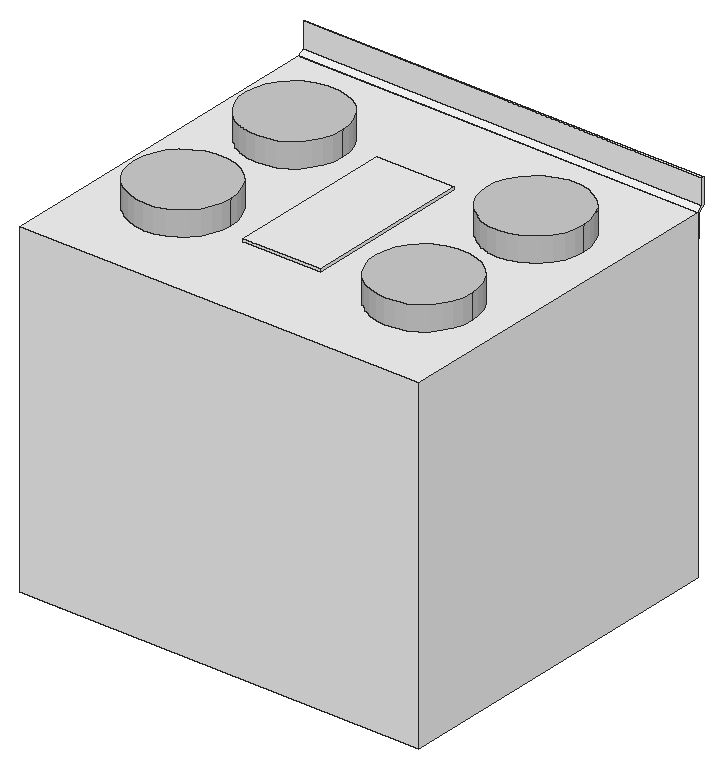
Revit family "BLAUBERG-KOMFORT_EC_SB550", category Mechanical Equipment, Revit 2019
Family settings
  Round Connector Dimension = Use Diameter
  Classification = None
  Part Type = Normal
  OmniClass Number = 23.75.35.14
  OmniClass Title = Air Handling Units
  Work Plane-Based = No
  Always vertical = Yes
  Cut with Voids When Loaded = No
  Shared = No
  Room Calculation Point = No
Parameters (values of type "KOMFORT EC SB550 S14")
  dLFeets = 52 mm
  dBFeets = 52 mm
  Weight = 82.00 kg
  Plastic Material = Polypropylene Black
  Leveling Feets Height Calc [instance] = if(Leveling Feets Height < 23 mm, 23 mm, Leveling Feets Height)  # 23 mm
  Leveling Feets Height [instance] = 23 mm
  L2 = 288 mm
  L1 = 498 mm
  Heat Exchanger Material = "polystyrene"
  HDuctCon = 50 mm  # constant formula
  H3 = 60 mm  # constant formula
  Front Maintenance Zone Width = H1  # 675 mm
  Front Maintenance Zone Length = L  # 823 mm
  ElConA = 390 mm
  ElBoxB = 345 mm
  ElBoxA = 160 mm
  DrainPipe = yes
  DrainConB = 292 mm
  BackFeetD = 20 mm  # constant formula
  B3 = 14 mm  # constant formula
  Air Flow Factor [instance] = 1  # constant formula
  Drain Flow [instance] = 0.0 L/s
  Ddrain = if(Drain Connection Diameter = 0 mm, 1 mm, Drain Connection Diameter)  # 18 mm
  B1 = 720 mm
  Air Flow Exhaust [instance] = 0 m³/h
  L = 823 mm
  Voltage = 230 V
  URL = "https://blaubergventilatoren.de/en/product/komfort-ec-sb550-s14"
  Type Comments = "Air Handling Unit KOMFORT EC SB550 S21"
  Transported Air Temperature (°C) = "–25 …+40"
  Supply Air Filter = "F7 (optionally G4)"
  Sound Pressure Level at 3 m (dBA) = 26
  SEC Class = "A+"
  RPM (min-1) = 2860
  Power Factor = 1
  Power = 337 W
  Number of Poles = 1
  Model = "KOMFORT EC SB550 S21"
  Maximum Air Flow = 690 m³/h
  Manufacturer = "Blauberg"
  Maintenance Zone Material = Maintenance Zone
  Front Maintenance Zone Height = 600 mm
  Maintenance Zone [instance] = no
  Load Classification = HVAC
  B = 730 mm
  Heat recovery efficiency (%) = "84..92"
  Heat Exchanger Type = "counter-flow"
  H1 = 675 mm
  Metal Material = Metal Zinc
  Family Version = "1.0"  # constant formula
  Extract Air Filter = "G4"
  Duct Connection Diameter = 200 mm
  Drain Connection Diameter = 18 mm
  Description = "Air Handling Unit"
  D = Duct Connection Diameter  # 200 mm
  Current = 2.4 A
  Copyright = "©Blauberg"
  Casing Material = Painted Steel White
  Apparent Power [instance] = Power / Power Factor  # 337 VA
  Air Flow Supply [instance] = 0 m³/h
Types (4, lengths in mm): name | Heat Exchanger Material | DrainPipe | Ddrain | URL | Type Comments | SEC Class | Model | Heat recovery efficiency (%) | Drain Connection Diameter
  KOMFORT EC SB550 S21 | "polystyrene" | yes | 18 | "https://blaubergventilatoren.de/en/product/komfort-ec-sb550-s21" | "Air Handling Unit KOMFORT EC SB350-E S14" | "A+" | "KOMFORT EC SB350-E S14" | "84..92" | 18
  KOMFORT EC SB550 S14 | "polystyrene" | yes | 18 | "https://blaubergventilatoren.de/en/product/komfort-ec-sb550-s14" | "Air Handling Unit KOMFORT EC SB550 S21" | "A+" | "KOMFORT EC SB550 S21" | "84..92" | 18
  KOMFORT EC SB550-E S21 | "enthalpy" | no | 1 | "https://blaubergventilatoren.de/en/product/komfort-ec-sb550-e-s21" | "Air Handling Unit KOMFORT EC SB550-E S21" | "A" | "KOMFORT EC SB550-E S21" | "73..91" | 0
  KOMFORT EC SB550-E S14 | "enthalpy" | no | 1 | "https://blaubergventilatoren.de/en/product/komfort-ec-sb550-e-s14" | "Air Handling Unit KOMFORT EC SB550 S14" | "A" | "KOMFORT EC SB550 S14" | "73..91" | 0
Reference planes
  plane 1 "Center (Front/Back)": y = 0
  plane 2: z = 0
  plane 3 "Center (Left/Right)": x = 0
  plane 4 "Right": x = 411.5
  plane 5 "Front": y = -734
  plane 6 "Left": x = -411.5
  plane 7 "Top": z = 698
  plane 8 "Back": y = -14
  plane 9 "DuctConL1": x = -249
  plane 10 "DrainConA2": x = 150
  plane 11 "DrainConB": y = -306
  plane 12 "DuctConL2": x = 249
  plane 13 "DuctConB1": y = -230
  plane 14 "DuctConB2": y = -518
  plane 15 "DuctConB3": z = 748
  plane 16 "DuctConB4": z = 758
  plane 17 "Bottom": z = 23
  plane 18 "FeetsL1": x = -359.5
  plane 19 "FeetsL2": x = 359.5
  plane 20 "FeetsB1": y = -66
  plane 21 "FeetsB2": y = -682
  plane 22: y = -374
  plane 23: y = -3
  plane 24: z = 708
  plane 25: y = -12
  plane 26: z = 648
  plane 27 "ElConA": x = -21.5
  plane 28 "BackFeetsH": z = 43
  plane 29: x = -101.5
  plane 30: x = 58.5
  plane 31: y = -201.5
  plane 32: y = -546.5
Forms (mm)
  Extrusion 1, solid, material "Polypropylene Black" <- "Plastic Material", visible <- "DrainPipe", detail levels medium+fine
    sketch origin (0, 0, 23) x (-1, 0, 0) y (0, -1, 0)
      loop
        circle (0, 306) r 9
    from 0 to -50
  Extrusion 2, solid, material "Painted Steel White" <- "Casing Material", detail levels medium+fine
    sketch origin (0, 0, 23) x (-1, 0, 0) y (0, -1, 0)
      loop
        line (411.5, 14) -> (411.5, 734) -> (-411.5, 734) -> (-411.5, 14) -> (411.5, 14)
    from 0 to 675
  Extrusion 3, solid, material "Metal Zinc" <- "Metal Material", detail levels medium+fine
    sketch origin (0, 0, 698) x (-1, 0, 0) y (0, -1, 0)
      loop
        circle (249, 230) r 100
      loop
        circle (249, 518) r 100
      loop
        circle (-249, 230) r 100
      loop
        circle (-249, 518) r 100
    from 0 to 50
  Extrusion 4, solid, material "Painted Steel White" <- "Casing Material", detail levels medium+fine
    sketch origin (-411.5, 0, 0) x (0, 1, 0) y (0, 0, 1)
      loop
        line (-3, 758) -> (-3, 705.857) -> (-14, 698) -> (-14, 648) -> (-12, 648) -> (-12, 696.971) -> (0, 705.542) -> (0, 758) -> (-3, 758)
    from 0 to 823
  Extrusion 5, solid, material "Polypropylene Black" <- "Plastic Material", detail levels medium+fine
    sketch origin (0, 0, 0) x (1, 0, 0) y (0, 0, 1)
      loop
        circle (359.5, 43) r 10
      loop
        circle (-359.5, 43) r 10
    from 0 to 14
  Extrusion 6, solid, material "Painted Steel White" <- "Casing Material", detail levels medium+fine
    sketch origin (0, 0, 698) x (-1, 0, 0) y (0, -1, 0)
      loop
        line (101.5, 201.5) -> (101.5, 546.5) -> (-58.5, 546.5) -> (-58.5, 201.5) -> (101.5, 201.5)
    from 0 to 5
Lines and regions (mm)
  model lines, detail levels coarse
    curve 1: line (-411.5, 0, 698) -> (411.5, 0, 698)
    curve 2: line (-411.5, -734, 698) -> (-411.5, 0, 698)
    curve 3: line (411.5, -734, 698) -> (-411.5, -734, 698)
    curve 4: line (411.5, 0, 698) -> (411.5, -734, 698)
    curve 5: line (-411.5, 0, 23) -> (411.5, 0, 23)
    curve 6: line (-411.5, -734, 23) -> (-411.5, 0, 23)
    curve 7: line (411.5, -734, 23) -> (-411.5, -734, 23)
    curve 8: line (411.5, 0, 23) -> (411.5, -734, 23)
    curve 9: line (-411.5, -734, 698) -> (411.5, -734, 698)
    curve 10: line (-411.5, -734, 23) -> (-411.5, -734, 698)
    curve 11: line (411.5, -734, 23) -> (-411.5, -734, 23)
    curve 12: line (411.5, -734, 698) -> (411.5, -734, 23)
    curve 13: line (-411.5, 0, 698) -> (411.5, 0, 698)
    curve 14: line (-411.5, 0, 23) -> (-411.5, 0, 698)
    curve 15: line (411.5, 0, 23) -> (-411.5, 0, 23)
    curve 16: line (411.5, 0, 698) -> (411.5, 0, 23)
    curve 17: line (-411.5, 0, 698) -> (-411.5, 0, 23)
    curve 18: line (-411.5, -734, 698) -> (-411.5, -734, 23)
    curve 19: line (411.5, -734, 698) -> (411.5, -734, 23)
    curve 20: line (411.5, 0, 698) -> (411.5, 0, 23)
    curve 21: line (-249, -230, 748) -> (-249, -230, 698)
    curve 22: line (-249, -518, 748) -> (-249, -518, 698)
    curve 23: line (249, -230, 748) -> (249, -230, 703)
    curve 24: line (249, -518, 748) -> (249, -518, 698)
Dimensions and locks
  "B1": plane 8 "Back" to plane 5 "Front"
  equal spacing: plane 6 "Left", plane 3 "Center (Left/Right)", plane 4 "Right"
  "L": plane 6 "Left" to plane 4 "Right"
  "dBFeets": plane 8 "Back" to plane 20 "FeetsB1"
  "dBFeets": plane 21 "FeetsB2" to plane 5 "Front"
  "dLFeets": plane 6 "Left" to plane 18 "FeetsL1"
  "dLFeets": plane 19 "FeetsL2" to plane 4 "Right"
  "Leveling Feets Height Calc": plane 17 "Bottom" to level
  "B3": plane 1 "Center (Front/Back)" to plane 8 "Back"
  equal spacing: plane 9 "DuctConL1", plane 3 "Center (Left/Right)", plane 12 "DuctConL2"
  "L1": plane 9 "DuctConL1" to plane 12 "DuctConL2"
  equal spacing: plane 8 "Back", plane 22, plane 5 "Front"
  equal spacing: plane 13 "DuctConB1", plane 22, plane 14 "DuctConB2"
  "L2": plane 13 "DuctConB1" to plane 14 "DuctConB2"
  "DrainConB": plane 8 "Back" to plane 11 "DrainConB"
  locked: plane 1 "Center (Front/Back)" to plane 23 at 3
  locked: plane 24 to plane 7 "Top" at 10
  locked: plane 25 to plane 8 "Back" at 2
  locked: plane 7 "Top" to plane 26 at 50
  "HDuctCon": plane 15 "DuctConB3" to plane 7 "Top"
  "H3": plane 16 "DuctConB4" to plane 7 "Top"
  "H1": plane 7 "Top" to plane 17 "Bottom"
  locked: Extrusion 4 sketch curve to Extrusion 4 sketch curve at 2
  locked: plane 28 "BackFeetsH" to plane 17 "Bottom" at 20
  equal spacing: plane 31, plane 22, plane 32
  "ElBoxB": plane 31 to plane 32
  equal spacing: plane 29, plane 27 "ElConA", plane 30
  "ElBoxA": plane 29 to plane 30
  "ElConA": plane 6 "Left" to plane 27 "ElConA"
  "Ddrain": diameter of Extrusion 1 sketch curve
  "D": diameter of Extrusion 3 sketch curve  (x4)
  "BackFeetD": diameter of Extrusion 5 sketch curve  (x2)
  aligned and locked: level to plane 2
  aligned and locked: plane 18 "FeetsL1" to nested 1
  aligned and locked: nested 1 to plane 20 "FeetsB1"
  aligned and locked: plane 19 "FeetsL2" to nested 2
  aligned and locked: nested 2 to plane 20 "FeetsB1"
  aligned and locked: nested 3 to plane 21 "FeetsB2"
  aligned and locked: plane 19 "FeetsL2" to nested 3
  aligned and locked: plane 18 "FeetsL1" to nested 4
  aligned and locked: nested 4 to plane 21 "FeetsB2"
  aligned and locked: Extrusion 2 sketch curve to plane 8 "Back"
  aligned and locked: plane 6 "Left" to Extrusion 2 sketch curve
  aligned and locked: plane 5 "Front" to Extrusion 2 sketch curve
  aligned and locked: Extrusion 2 sketch curve to plane 4 "Right"
  aligned and locked: plane 7 "Top" to Extrusion 2
  aligned and locked: plane 15 "DuctConB3" to Extrusion 3
  aligned and locked: plane 4 "Right" to Extrusion 4
  aligned and locked: Extrusion 5 to plane 8 "Back"
  aligned and locked: Extrusion 6 sketch curve to plane 31
  aligned and locked: Extrusion 6 sketch curve to plane 29
  aligned and locked: plane 32 to Extrusion 6 sketch curve
  aligned and locked: Extrusion 6 sketch curve to plane 30
  aligned and locked: plane 3 "Center (Left/Right)" to nested 5
  aligned and locked: nested 5 to plane 7 "Top"
  aligned and locked: curve 1 to Extrusion 4
  aligned and locked: curve 2 to Extrusion 4
  aligned and locked: curve 3 to Extrusion 2
  aligned and locked: curve 4 to nested 5
  aligned and locked: curve 5 to curve 1
  aligned and locked: curve 6 to curve 2
  aligned and locked: curve 7 to curve 3
  aligned and locked: curve 8 to nested 5
  aligned and locked: curve 9 to curve 1
  aligned and locked: curve 10 to Extrusion 2
  aligned and locked: curve 11 to curve 5
  aligned and locked: curve 12 to Extrusion 2
  aligned and locked: curve 13 to curve 1
  aligned and locked: curve 14 to curve 10
  aligned and locked: curve 15 to curve 5
  aligned and locked: curve 16 to curve 12
  aligned and locked: plane 1 "Center (Front/Back)" to curve 17
  aligned and locked: curve 18 to plane 5 "Front"
  aligned and locked: curve 19 to plane 5 "Front"
  aligned and locked: plane 1 "Center (Front/Back)" to curve 20
  aligned and locked: curve 21 to plane 13 "DuctConB1"
  aligned and locked: curve 22 to plane 14 "DuctConB2"
  aligned and locked: plane 13 "DuctConB1" to curve 23
  aligned and locked: plane 14 "DuctConB2" to curve 24
  aligned and locked: plane 15 "DuctConB3" to curve 21
  aligned and locked: plane 15 "DuctConB3" to curve 23
  aligned and locked: plane 7 "Top" to curve 21
  aligned and locked: plane 7 "Top" to Extrusion 3
  aligned and locked: plane 15 "DuctConB3" to curve 24
  aligned and locked: plane 15 "DuctConB3" to curve 22
  aligned and locked: plane 7 "Top" to curve 22
  aligned and locked: plane 7 "Top" to curve 24
Automatic sketch dimensions
  Extrusion 4 sketch curve to plane 8 "Back" = 0 mm
  Extrusion 4 sketch curve to plane 25 = 0 mm
  Extrusion 4 sketch curve to plane 23 = 0 mm
  Extrusion 4 sketch curve to plane 1 "Center (Front/Back)" = 0 mm
  Extrusion 4 sketch curve to plane 26 = 0 mm
  Extrusion 4 sketch curve to plane 16 "DuctConB4" = 0 mm
  Extrusion 4 sketch curve to plane 7 "Top" = 1.029 mm
  Extrusion 4 sketch curve to Extrusion 4 sketch curve = 1.029 mm
  curve 17 to plane 17 "Bottom" = 0 mm
  curve 18 to plane 17 "Bottom" = 0 mm
  curve 18 to plane 7 "Top" = 0 mm
  curve 17 to plane 7 "Top" = 0 mm
  curve 19 to plane 17 "Bottom" = 0 mm
  curve 20 to plane 17 "Bottom" = 0 mm
  curve 20 to plane 7 "Top" = 0 mm
  curve 19 to plane 7 "Top" = 0 mm
  plane 7 "Top" to curve 23 = 5 mm
  Extrusion 1 sketch curve to plane 3 "Center (Left/Right)" = 0 mm
  Extrusion 1 sketch curve to plane 11 "DrainConB" = 0 mm
  Extrusion 3 sketch curve to plane 12 "DuctConL2" = 0 mm  (x2)
  Extrusion 3 sketch curve to plane 9 "DuctConL1" = 0 mm  (x2)
  Extrusion 3 sketch curve to plane 13 "DuctConB1" = 0 mm  (x2)
  Extrusion 3 sketch curve to plane 14 "DuctConB2" = 0 mm  (x2)
  Extrusion 5 sketch curve to plane 18 "FeetsL1" = 0 mm
  Extrusion 5 sketch curve to plane 19 "FeetsL2" = 0 mm
  Extrusion 5 sketch curve to plane 28 "BackFeetsH" = 0 mm  (x2)
Nested families
  nested 1: "LevellingFeet" at (-359.5, -66, 0), type "LevellingFeet", detail levels medium+fine
  nested 2: "LevellingFeet" at (359.5, -66, 0), type "LevellingFeet", detail levels medium+fine
  nested 3: "LevellingFeet" at (359.5, -682, 0), type "LevellingFeet", detail levels medium+fine
  nested 4: "LevellingFeet" at (-359.5, -682, 0), type "LevellingFeet", detail levels medium+fine
  nested 5: "MaintenanceZone_Rect" at (0, -734, 360.5) x (1, 0, 0) z (0, 1, 0), visible <- "Maintenance Zone", type "Front", detail levels medium+fine
    with Maintenance Zone Width 675 mm, Maintenance Zone Length 823 mm, Maintenance Zone Height 600 mm
Connectors
  piping at (0, -306, -27), diameter 18, driven by "Drain Connection Diameter", driven by "Drain Flow"
    settings: on Extrusion 1, index 1, connector inside diameter 609.6 mm, connector length 0 mm, flow factor 0, pipe flow 0.0 L/s, pressure drop 0.0 Pa, fitting loss kfactor 0, connector angle 0.00°, fixture units 0, engagement length 0 mm, angle of deflection 0.00°, flow configuration 1, flow direction 2, fitting loss method 0, system type 16, joint type 0, gender type 0, connector reference index -1, connector utility 0, adjustable connector no, is connector primary yes, connector description "Drain"
  electrical at (-21.5, -374, 703), driven by "Number of Poles", driven by "Load Classification", driven by "Voltage", driven by "Apparent Power", driven by "Power Factor"
    settings: on Extrusion 6, index 2, voltage 230 V, apparent load 337 VA, apparent load phase1 0 VA, apparent load phase2 0 VA, apparent load phase3 0 VA, power factor 1, load classification "HVAC", number of poles 1, system type 30, power factor state 1, is connector primary yes, connector utility no, sub classification motor no, connector description ""
  hvac at (-249, -230, 748), driven by "Duct Connection Diameter", driven by "Air Flow Exhaust"
    settings: on Extrusion 3, index 3, duct flow 0 m³/h, flow factor 0, pres drop 0.0 Pa, loss coef 0, conn angle 0.00°, conn width 304.8 mm, conn height 304.8 mm, conn diameter 200 mm, duct sys type 3, conn prof type 0, flow config 0, flow direction 1, loss method 0, conn ref index -1, conn util no, is conn primary yes, conn desc "Extract Air"
  hvac at (-249, -518, 748), driven by "Duct Connection Diameter", driven by "Air Flow Supply"
    settings: on Extrusion 3, index 4, duct flow 0 m³/h, flow factor 0, pres drop 0.0 Pa, loss coef 0, conn angle 0.00°, conn width 304.8 mm, conn height 304.8 mm, conn diameter 200 mm, duct sys type 1, conn prof type 0, flow config 0, flow direction 2, loss method 0, conn ref index -1, conn util no, is conn primary no, conn desc "Supply Air"
  hvac at (249, -230, 748), driven by "Duct Connection Diameter", driven by "Air Flow Exhaust"
    settings: on Extrusion 3, index 5, duct flow 0 m³/h, flow factor 0, pres drop 0.0 Pa, loss coef 0, conn angle 0.00°, conn width 304.8 mm, conn height 304.8 mm, conn diameter 200 mm, duct sys type 3, conn prof type 0, flow config 1, flow direction 2, loss method 0, conn ref index -1, conn util no, is conn primary no, conn desc "Exhaust Air"
  hvac at (249, -518, 748), driven by "Duct Connection Diameter", driven by "Air Flow Supply"
    settings: on Extrusion 3, index 6, duct flow 0 m³/h, flow factor 0, pres drop 0.0 Pa, loss coef 0, conn angle 0.00°, conn width 304.8 mm, conn height 304.8 mm, conn diameter 200 mm, duct sys type 1, conn prof type 0, flow config 1, flow direction 1, loss method 0, conn ref index -1, conn util no, is conn primary no, conn desc "Intake Air"
Definition of nested family "LevellingFeet"
  Parameters (values of type "LevellingFeet")
    r2 = d2 / 2  # 9 mm
    r1 = d1 / 2  # 12 mm
    h2 = 15 mm
    h1 = 6 mm
    d3 = 8 mm
    d2 = 18 mm
    d1 = 24 mm
    R = D / 2  # 20.5 mm
    Material = none
    H = 23 mm
    Default Elevation = 1219.2 mm
    D = 41 mm
  Reference planes
    plane 1 "Center (Front/Back)": y = 0
    plane 2: z = 0
    plane 3 "Center (Left/Right)": x = 0
    plane 4: z = 6
    plane 5: x = -9
    plane 6: x = -20.5
    plane 7: x = -12
    plane 8: z = 21
    plane 9: z = 23
  Forms (mm)
    Revolve 1, solid, material <- "Material"
      sketch origin (0, 0, 0) x (1, 0, 0) y (0, 0, 1)
        loop
          line (0, 21) -> (-9, 21) -> (-11.354, 9.228)
          arc (-11.354, 9.228) -> (-12.746, 6.91) -> (-15.292, 6) r 4.016
          line (-15.292, 6) -> (-18.541, 6)
          arc (-18.541, 6) -> (-19.926, 5.426) -> (-20.5, 4.041) r 1.959
          line (-20.5, 4.041) -> (-20.5, 0) -> (0, 0) -> (0, 21)
        axis (0, 21) -> (0, 0)
      angle from 0 to 360
    Extrusion 2, solid, material <- "Material"
      sketch origin (0, 0, 0) x (1, 0, 0) y (0, 1, 0)
        loop
          circle (0, 0) r 4
      from 23 to 6
  Cuts and joins
    joined: Revolve 1, Extrusion 2
  Dimensions and locks
    "r2": plane 3 "Center (Left/Right)" to plane 5
    "R": plane 3 "Center (Left/Right)" to plane 6
    "r1": plane 3 "Center (Left/Right)" to plane 7
    "h2": plane 8 to plane 4
    "h1": plane 4 to level
    "H": plane 9 to level
    "d3": diameter of Extrusion 2 sketch curve
    aligned and locked: level to plane 2
    aligned and locked: Revolve 1 sketch curve to plane 3 "Center (Left/Right)"
    aligned and locked: plane 8 to Revolve 1 sketch curve
    aligned and locked: Extrusion 2 to plane 4
    aligned and locked: plane 9 to Extrusion 2
    aligned and locked: cut or joined group of Revolve 1, Extrusion 2 to level
  Automatic sketch dimensions
    Revolve 1 sketch curve to level = 0 mm
    Revolve 1 sketch curve to plane 6 = 0 mm
    Revolve 1 sketch curve to plane 4 = 0 mm
    Revolve 1 sketch curve to plane 5 = 0 mm
    Revolve 1 sketch curve to plane 3 "Center (Left/Right)" = 0 mm
    plane 6 to Revolve 1 sketch curve = 1.959 mm
    Revolve 1 sketch curve to plane 7 = 3.292 mm
    plane 7 to Revolve 1 sketch curve = 0.646 mm
    plane 4 to Revolve 1 sketch curve = 3.228 mm
    Revolve 1 sketch curve to level = 336.045 mm
    plane 9 to Revolve 1 sketch curve = 2172.315 mm
    plane 1 "Center (Front/Back)" to Extrusion 2 sketch curve = 0 mm
    Extrusion 2 sketch curve to plane 3 "Center (Left/Right)" = 0 mm
Definition of nested family "MaintenanceZone_Rect"
  Parameters (values of type "MaintenanceZone_Rect")
    Maintenance Zone Width = 500 mm
    Material = none
    Maintenance Zone Length = 1000 mm
    Maintenance Zone Height = 300 mm
    Family Version = ""
    Default Elevation = 1219.2 mm
    Copyright = ""
  Reference planes
    plane 1 "Center (Front/Back)": y = 0
    plane 2: z = 0
    plane 3 "Center (Left/Right)": x = 0
    plane 4: x = -500
    plane 5: x = 500
    plane 6: y = 250
    plane 7: y = -250
    plane 8: z = -300
  Forms (mm)
    Extrusion 1, solid, material <- "Material", detail levels medium+fine
      sketch origin (0, 0, 0) x (1, 0, 0) y (0, 1, 0)
        loop
          line (-500, 250) -> (-500, -250) -> (500, -250) -> (500, 250) -> (-500, 250)
      from 0 to -300
  Lines and regions (mm)
    symbolic lines, detail levels medium+fine
      curve 1: line (-500, 0, 0) -> (500, 0, 0)
      curve 2: line (-500, 0, -300) -> (-500, 0, 0)
      curve 3: line (500, 0, -300) -> (-500, 0, -300)
      curve 4: line (500, 0, 0) -> (500, 0, -300)
      curve 5: line (0, 250, 0) -> (0, -250, 0)
      curve 6: line (0, 250, -300) -> (0, 250, 0)
      curve 7: line (0, -250, -300) -> (0, 250, -300)
      curve 8: line (0, -250, 0) -> (0, -250, -300)
      curve 9: line (-500, 250, 0) -> (500, 250, 0)
      curve 10: line (-500, -250, 0) -> (-500, 250, 0)
      curve 11: line (500, -250, 0) -> (-500, -250, 0)
      curve 12: line (500, 250, 0) -> (500, -250, 0)
  Dimensions and locks
    equal spacing: plane 6, plane 1 "Center (Front/Back)", plane 7
    equal spacing: plane 4, plane 3 "Center (Left/Right)", plane 5
    "Maintenance Zone Width": plane 6 to plane 7
    "Maintenance Zone Length": plane 4 to plane 5
    "Maintenance Zone Height": plane 2 to plane 8
    aligned and locked: level to plane 2
    aligned and locked: Extrusion 1 sketch curve to plane 6
    aligned and locked: plane 4 to Extrusion 1 sketch curve
    aligned and locked: plane 7 to Extrusion 1 sketch curve
    aligned and locked: Extrusion 1 sketch curve to plane 5
    aligned and locked: Extrusion 1 to plane 8
    aligned and locked: curve 1 to Extrusion 1
    aligned and locked: curve 2 to Extrusion 1
    aligned and locked: curve 3 to Extrusion 1
    aligned and locked: curve 4 to Extrusion 1
    aligned and locked: curve 5 to Extrusion 1
    aligned and locked: curve 6 to Extrusion 1
    aligned and locked: curve 7 to Extrusion 1
    aligned and locked: curve 8 to Extrusion 1
    aligned and locked: curve 9 to Extrusion 1
    aligned and locked: curve 10 to Extrusion 1
    aligned and locked: curve 11 to Extrusion 1
    aligned and locked: curve 12 to Extrusion 1
